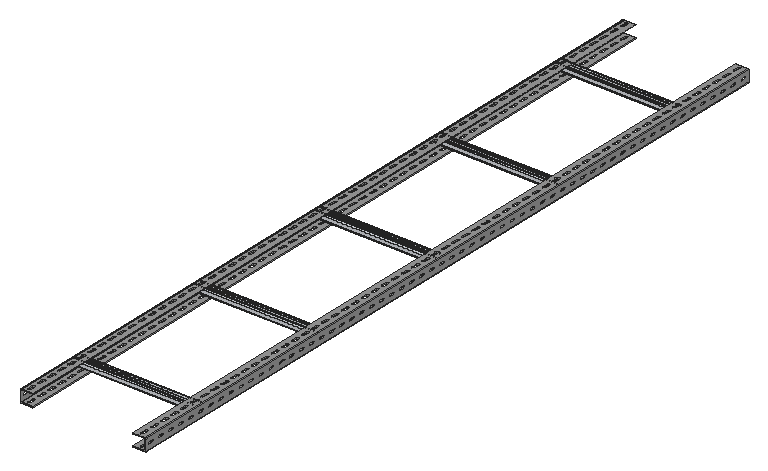
Revit family "steigeleiter__5_FT_FTSO_FTK_A2_A4.500rfa", category Generic Models, Revit 2017 (continued)
Forms (mm)
  Extrusion 306, void
    sketch origin (0, 200, 0) x (0, 1, 0) y (0, 0, 1)
      loop
        arc (15.5, 30.5) -> (10, 25) -> (15.5, 19.5) r 5.5
        line (15.5, 19.5) -> (34.5, 19.5)
        arc (34.5, 19.5) -> (40, 25) -> (34.5, 30.5) r 5.5
    from -250 to -247.5
  Extrusion 307, void
    sketch origin (0, 250, 0) x (0, 1, 0) y (0, 0, 1)
      loop
        line (34.5, 30.5) -> (15.5, 30.5)
        arc (15.5, 30.5) -> (10, 25) -> (15.5, 19.5) r 5.5
        line (15.5, 19.5) -> (34.5, 19.5)
        arc (34.5, 19.5) -> (40, 25) -> (34.5, 30.5) r 5.5
    from -250 to -247.5
  Extrusion 308, void
    sketch origin (0, 300, 0) x (0, 1, 0) y (0, 0, 1)
      loop
        line (34.5, 30.5) -> (15.5, 30.5)
        arc (15.5, 30.5) -> (10, 25) -> (15.5, 19.5) r 5.5
        line (15.5, 19.5) -> (34.5, 19.5)
        arc (34.5, 19.5) -> (40, 25) -> (34.5, 30.5) r 5.5
    from -250 to -247.5
  Extrusion 309, void
    sketch origin (0, 350, 0) x (0, 1, 0) y (0, 0, 1)
      loop
        line (34.5, 30.5) -> (15.5, 30.5)
        arc (15.5, 30.5) -> (10, 25) -> (15.5, 19.5) r 5.5
        line (15.5, 19.5) -> (34.5, 19.5)
        arc (34.5, 19.5) -> (40, 25) -> (34.5, 30.5) r 5.5
    from -250 to -247.5
  Extrusion 310, void
    sketch origin (0, 400, 0) x (0, 1, 0) y (0, 0, 1)
      loop
        line (34.5, 30.5) -> (15.5, 30.5)
        arc (15.5, 30.5) -> (10, 25) -> (15.5, 19.5) r 5.5
        line (15.5, 19.5) -> (34.5, 19.5)
        arc (34.5, 19.5) -> (40, 25) -> (34.5, 30.5) r 5.5
    from -250 to -247.5
  Extrusion 311, void
    sketch origin (0, 450, 0) x (0, 1, 0) y (0, 0, 1)
      loop
        line (34.5, 30.5) -> (15.5, 30.5)
        arc (15.5, 30.5) -> (10, 25) -> (15.5, 19.5) r 5.5
        line (15.5, 19.5) -> (34.5, 19.5)
        arc (34.5, 19.5) -> (40, 25) -> (34.5, 30.5) r 5.5
    from -250 to -247.5
  Extrusion 312, void
    sketch origin (0, 500, 0) x (0, 1, 0) y (0, 0, 1)
      loop
        line (34.5, 30.5) -> (15.5, 30.5)
        arc (15.5, 30.5) -> (10, 25) -> (15.5, 19.5) r 5.5
        line (15.5, 19.5) -> (34.5, 19.5)
        arc (34.5, 19.5) -> (40, 25) -> (34.5, 30.5) r 5.5
    from -250 to -247.5
  Extrusion 313, void
    sketch origin (0, 550, 0) x (0, 1, 0) y (0, 0, 1)
      loop
        line (34.5, 30.5) -> (15.5, 30.5)
        arc (15.5, 30.5) -> (10, 25) -> (15.5, 19.5) r 5.5
        line (15.5, 19.5) -> (34.5, 19.5)
        arc (34.5, 19.5) -> (40, 25) -> (34.5, 30.5) r 5.5
    from -250 to -247.5
  Extrusion 314, void
    sketch origin (0, 600, 0) x (0, 1, 0) y (0, 0, 1)
      loop
        line (34.5, 30.5) -> (15.5, 30.5)
        arc (15.5, 30.5) -> (10, 25) -> (15.5, 19.5) r 5.5
        line (15.5, 19.5) -> (34.5, 19.5)
        arc (34.5, 19.5) -> (40, 25) -> (34.5, 30.5) r 5.5
    from -250 to -247.5
  Extrusion 315, void
    sketch origin (0, 650, 0) x (0, 1, 0) y (0, 0, 1)
      loop
        line (34.5, 30.5) -> (15.5, 30.5)
        arc (15.5, 30.5) -> (10, 25) -> (15.5, 19.5) r 5.5
        line (15.5, 19.5) -> (34.5, 19.5)
        arc (34.5, 19.5) -> (40, 25) -> (34.5, 30.5) r 5.5
    from -250 to -247.5
  Extrusion 316, void
    sketch origin (0, 700, 0) x (0, 1, 0) y (0, 0, 1)
      loop
        line (34.5, 30.5) -> (15.5, 30.5)
        arc (15.5, 30.5) -> (10, 25) -> (15.5, 19.5) r 5.5
        line (15.5, 19.5) -> (34.5, 19.5)
        arc (34.5, 19.5) -> (40, 25) -> (34.5, 30.5) r 5.5
    from -250 to -247.5
  Extrusion 317, void
    sketch origin (0, 750, 0) x (0, 1, 0) y (0, 0, 1)
      loop
        line (34.5, 30.5) -> (15.5, 30.5)
        arc (15.5, 30.5) -> (10, 25) -> (15.5, 19.5) r 5.5
        line (15.5, 19.5) -> (34.5, 19.5)
        arc (34.5, 19.5) -> (40, 25) -> (34.5, 30.5) r 5.5
    from -250 to -247.5
  Extrusion 318, void
    sketch origin (0, 800, 0) x (0, 1, 0) y (0, 0, 1)
      loop
        line (34.5, 30.5) -> (15.5, 30.5)
        arc (15.5, 30.5) -> (10, 25) -> (15.5, 19.5) r 5.5
        line (15.5, 19.5) -> (34.5, 19.5)
        arc (34.5, 19.5) -> (40, 25) -> (34.5, 30.5) r 5.5
    from -250 to -247.5
  Extrusion 319, void
    sketch origin (0, 850, 0) x (0, 1, 0) y (0, 0, 1)
      loop
        line (34.5, 30.5) -> (15.5, 30.5)
        arc (15.5, 30.5) -> (10, 25) -> (15.5, 19.5) r 5.5
        line (15.5, 19.5) -> (34.5, 19.5)
        arc (34.5, 19.5) -> (40, 25) -> (34.5, 30.5) r 5.5
    from -250 to -247.5
  Extrusion 320, void
    sketch origin (0, 900, 0) x (0, 1, 0) y (0, 0, 1)
      loop
        line (34.5, 30.5) -> (15.5, 30.5)
        arc (15.5, 30.5) -> (10, 25) -> (15.5, 19.5) r 5.5
        line (15.5, 19.5) -> (34.5, 19.5)
        arc (34.5, 19.5) -> (40, 25) -> (34.5, 30.5) r 5.5
    from -250 to -247.5
  Extrusion 321, void
    sketch origin (0, 950, 0) x (0, 1, 0) y (0, 0, 1)
      loop
        line (34.5, 30.5) -> (15.5, 30.5)
        arc (15.5, 30.5) -> (10, 25) -> (15.5, 19.5) r 5.5
        line (15.5, 19.5) -> (34.5, 19.5)
        arc (34.5, 19.5) -> (40, 25) -> (34.5, 30.5) r 5.5
    from -250 to -247.5
  Extrusion 322, void
    sketch origin (0, 1000, 0) x (0, 1, 0) y (0, 0, 1)
      loop
        line (34.5, 30.5) -> (15.5, 30.5)
        arc (15.5, 30.5) -> (10, 25) -> (15.5, 19.5) r 5.5
        line (15.5, 19.5) -> (34.5, 19.5)
        arc (34.5, 19.5) -> (40, 25) -> (34.5, 30.5) r 5.5
    from -250 to -247.5
  Extrusion 323, void
    sketch origin (0, 1050, 0) x (0, 1, 0) y (0, 0, 1)
      loop
        line (34.5, 30.5) -> (15.5, 30.5)
        arc (15.5, 30.5) -> (10, 25) -> (15.5, 19.5) r 5.5
        line (15.5, 19.5) -> (34.5, 19.5)
        arc (34.5, 19.5) -> (40, 25) -> (34.5, 30.5) r 5.5
    from -250 to -247.5
  Extrusion 324, void
    sketch origin (0, 1100, 0) x (0, 1, 0) y (0, 0, 1)
      loop
        line (34.5, 30.5) -> (15.5, 30.5)
        arc (15.5, 30.5) -> (10, 25) -> (15.5, 19.5) r 5.5
        line (15.5, 19.5) -> (34.5, 19.5)
        arc (34.5, 19.5) -> (40, 25) -> (34.5, 30.5) r 5.5
    from -250 to -247.5
  Extrusion 325, void
    sketch origin (0, 1150, 0) x (0, 1, 0) y (0, 0, 1)
      loop
        line (34.5, 30.5) -> (15.5, 30.5)
        arc (15.5, 30.5) -> (10, 25) -> (15.5, 19.5) r 5.5
        line (15.5, 19.5) -> (34.5, 19.5)
        arc (34.5, 19.5) -> (40, 25) -> (34.5, 30.5) r 5.5
    from -250 to -247.5
  Extrusion 326, void
    sketch origin (0, 1200, 0) x (0, 1, 0) y (0, 0, 1)
      loop
        line (34.5, 30.5) -> (15.5, 30.5)
        arc (15.5, 30.5) -> (10, 25) -> (15.5, 19.5) r 5.5
        line (15.5, 19.5) -> (34.5, 19.5)
        arc (34.5, 19.5) -> (40, 25) -> (34.5, 30.5) r 5.5
    from -250 to -247.5
  Extrusion 327, void
    sketch origin (0, 1250, 0) x (0, 1, 0) y (0, 0, 1)
      loop
        line (34.5, 30.5) -> (15.5, 30.5)
        arc (15.5, 30.5) -> (10, 25) -> (15.5, 19.5) r 5.5
        line (15.5, 19.5) -> (34.5, 19.5)
        arc (34.5, 19.5) -> (40, 25) -> (34.5, 30.5) r 5.5
    from -250 to -247.5
  Extrusion 328, void
    sketch origin (0, 1300, 0) x (0, 1, 0) y (0, 0, 1)
      loop
        line (34.5, 30.5) -> (15.5, 30.5)
        arc (15.5, 30.5) -> (10, 25) -> (15.5, 19.5) r 5.5
        line (15.5, 19.5) -> (34.5, 19.5)
        arc (34.5, 19.5) -> (40, 25) -> (34.5, 30.5) r 5.5
    from -250 to -247.5
  Extrusion 329, void
    sketch origin (0, 1350, 0) x (0, 1, 0) y (0, 0, 1)
      loop
        line (34.5, 30.5) -> (15.5, 30.5)
        arc (15.5, 30.5) -> (10, 25) -> (15.5, 19.5) r 5.5
        line (15.5, 19.5) -> (34.5, 19.5)
        arc (34.5, 19.5) -> (40, 25) -> (34.5, 30.5) r 5.5
    from -250 to -247.5
  Extrusion 330, void
    sketch origin (0, 1400, 0) x (0, 1, 0) y (0, 0, 1)
      loop
        line (34.5, 30.5) -> (15.5, 30.5)
        arc (15.5, 30.5) -> (10, 25) -> (15.5, 19.5) r 5.5
        line (15.5, 19.5) -> (34.5, 19.5)
        arc (34.5, 19.5) -> (40, 25) -> (34.5, 30.5) r 5.5
    from -250 to -247.5
  Extrusion 331, void
    sketch origin (0, 1450, 0) x (0, 1, 0) y (0, 0, 1)
      loop
        line (34.5, 30.5) -> (15.5, 30.5)
        arc (15.5, 30.5) -> (10, 25) -> (15.5, 19.5) r 5.5
        line (15.5, 19.5) -> (34.5, 19.5)
        arc (34.5, 19.5) -> (40, 25) -> (34.5, 30.5) r 5.5
    from -250 to -247.5
  Extrusion 332, void
    sketch origin (0, 1500, 0) x (0, 1, 0) y (0, 0, 1)
      loop
        line (34.5, 30.5) -> (15.5, 30.5)
        arc (15.5, 30.5) -> (10, 25) -> (15.5, 19.5) r 5.5
        line (15.5, 19.5) -> (34.5, 19.5)
        arc (34.5, 19.5) -> (40, 25) -> (34.5, 30.5) r 5.5
    from -250 to -247.5
  Extrusion 333, void
    sketch origin (0, 1550, 0) x (0, 1, 0) y (0, 0, 1)
      loop
        line (34.5, 30.5) -> (15.5, 30.5)
        arc (15.5, 30.5) -> (10, 25) -> (15.5, 19.5) r 5.5
        line (15.5, 19.5) -> (34.5, 19.5)
        arc (34.5, 19.5) -> (40, 25) -> (34.5, 30.5) r 5.5
    from -250 to -247.5
  Extrusion 334, void
    sketch origin (0, 1600, 0) x (0, 1, 0) y (0, 0, 1)
      loop
        line (34.5, 30.5) -> (15.5, 30.5)
        arc (15.5, 30.5) -> (10, 25) -> (15.5, 19.5) r 5.5
        line (15.5, 19.5) -> (34.5, 19.5)
        arc (34.5, 19.5) -> (40, 25) -> (34.5, 30.5) r 5.5
    from -250 to -247.5
  Extrusion 335, void
    sketch origin (0, 1650, 0) x (0, 1, 0) y (0, 0, 1)
      loop
        line (34.5, 30.5) -> (15.5, 30.5)
        arc (15.5, 30.5) -> (10, 25) -> (15.5, 19.5) r 5.5
        line (15.5, 19.5) -> (34.5, 19.5)
        arc (34.5, 19.5) -> (40, 25) -> (34.5, 30.5) r 5.5
    from -250 to -247.5
  Extrusion 336, void
    sketch origin (0, 1700, 0) x (0, 1, 0) y (0, 0, 1)
      loop
        line (34.5, 30.5) -> (15.5, 30.5)
        arc (15.5, 30.5) -> (10, 25) -> (15.5, 19.5) r 5.5
        line (15.5, 19.5) -> (34.5, 19.5)
        arc (34.5, 19.5) -> (40, 25) -> (34.5, 30.5) r 5.5
    from -250 to -247.5
  Extrusion 337, void
    sketch origin (0, 1750, 0) x (0, 1, 0) y (0, 0, 1)
      loop
        line (34.5, 30.5) -> (15.5, 30.5)
        arc (15.5, 30.5) -> (10, 25) -> (15.5, 19.5) r 5.5
        line (15.5, 19.5) -> (34.5, 19.5)
        arc (34.5, 19.5) -> (40, 25) -> (34.5, 30.5) r 5.5
    from -250 to -247.5
  Extrusion 338, void
    sketch origin (0, 1800, 0) x (0, 1, 0) y (0, 0, 1)
      loop
        line (34.5, 30.5) -> (15.5, 30.5)
        arc (15.5, 30.5) -> (10, 25) -> (15.5, 19.5) r 5.5
        line (15.5, 19.5) -> (34.5, 19.5)
        arc (34.5, 19.5) -> (40, 25) -> (34.5, 30.5) r 5.5
    from -250 to -247.5
  Extrusion 339, void
    sketch origin (0, 1850, 0) x (0, 1, 0) y (0, 0, 1)
      loop
        line (34.5, 30.5) -> (15.5, 30.5)
        arc (15.5, 30.5) -> (10, 25) -> (15.5, 19.5) r 5.5
        line (15.5, 19.5) -> (34.5, 19.5)
        arc (34.5, 19.5) -> (40, 25) -> (34.5, 30.5) r 5.5
    from -250 to -247.5
  Extrusion 340, void
    sketch origin (0, 1900, 0) x (0, 1, 0) y (0, 0, 1)
      loop
        line (34.5, 30.5) -> (15.5, 30.5)
        arc (15.5, 30.5) -> (10, 25) -> (15.5, 19.5) r 5.5
        line (15.5, 19.5) -> (34.5, 19.5)
        arc (34.5, 19.5) -> (40, 25) -> (34.5, 30.5) r 5.5
    from -250 to -247.5
  Extrusion 341, void
    sketch origin (0, 1950, 0) x (0, 1, 0) y (0, 0, 1)
      loop
        line (34.5, 30.5) -> (15.5, 30.5)
        arc (15.5, 30.5) -> (10, 25) -> (15.5, 19.5) r 5.5
        line (15.5, 19.5) -> (34.5, 19.5)
        arc (34.5, 19.5) -> (40, 25) -> (34.5, 30.5) r 5.5
    from -250 to -247.5
  Extrusion 342, void
    sketch origin (0, 2000, 0) x (0, 1, 0) y (0, 0, 1)
      loop
        line (34.5, 30.5) -> (15.5, 30.5)
        arc (15.5, 30.5) -> (10, 25) -> (15.5, 19.5) r 5.5
        line (15.5, 19.5) -> (34.5, 19.5)
        arc (34.5, 19.5) -> (40, 25) -> (34.5, 30.5) r 5.5
    from -250 to -247.5
  Extrusion 343, void
    sketch origin (0, 2050, 0) x (0, 1, 0) y (0, 0, 1)
      loop
        line (34.5, 30.5) -> (15.5, 30.5)
        arc (15.5, 30.5) -> (10, 25) -> (15.5, 19.5) r 5.5
        line (15.5, 19.5) -> (34.5, 19.5)
        arc (34.5, 19.5) -> (40, 25) -> (34.5, 30.5) r 5.5
    from -250 to -247.5
  Extrusion 344, void
    sketch origin (0, 2100, 0) x (0, 1, 0) y (0, 0, 1)
      loop
        line (34.5, 30.5) -> (15.5, 30.5)
        arc (15.5, 30.5) -> (10, 25) -> (15.5, 19.5) r 5.5
        line (15.5, 19.5) -> (34.5, 19.5)
        arc (34.5, 19.5) -> (40, 25) -> (34.5, 30.5) r 5.5
    from -250 to -247.5
  Extrusion 345, void
    sketch origin (0, 2150, 0) x (0, 1, 0) y (0, 0, 1)
      loop
        line (34.5, 30.5) -> (15.5, 30.5)
        arc (15.5, 30.5) -> (10, 25) -> (15.5, 19.5) r 5.5
        line (15.5, 19.5) -> (34.5, 19.5)
        arc (34.5, 19.5) -> (40, 25) -> (34.5, 30.5) r 5.5
    from -250 to -247.5
  Extrusion 346, void
    sketch origin (0, 2200, 0) x (0, 1, 0) y (0, 0, 1)
      loop
        line (34.5, 30.5) -> (15.5, 30.5)
        arc (15.5, 30.5) -> (10, 25) -> (15.5, 19.5) r 5.5
        line (15.5, 19.5) -> (34.5, 19.5)
        arc (34.5, 19.5) -> (40, 25) -> (34.5, 30.5) r 5.5
    from -250 to -247.5
  Extrusion 347, void
    sketch origin (0, 2250, 0) x (0, 1, 0) y (0, 0, 1)
      loop
        line (34.5, 30.5) -> (15.5, 30.5)
        arc (15.5, 30.5) -> (10, 25) -> (15.5, 19.5) r 5.5
        line (15.5, 19.5) -> (34.5, 19.5)
        arc (34.5, 19.5) -> (40, 25) -> (34.5, 30.5) r 5.5
    from -250 to -247.5
  Extrusion 348, void
    sketch origin (0, 2300, 0) x (0, 1, 0) y (0, 0, 1)
      loop
        line (34.5, 30.5) -> (15.5, 30.5)
        arc (15.5, 30.5) -> (10, 25) -> (15.5, 19.5) r 5.5
        line (15.5, 19.5) -> (34.5, 19.5)
        arc (34.5, 19.5) -> (40, 25) -> (34.5, 30.5) r 5.5
    from -250 to -247.5
  Extrusion 349, void
    sketch origin (0, 2350, 0) x (0, 1, 0) y (0, 0, 1)
      loop
        line (34.5, 30.5) -> (15.5, 30.5)
        arc (15.5, 30.5) -> (10, 25) -> (15.5, 19.5) r 5.5
        line (15.5, 19.5) -> (34.5, 19.5)
        arc (34.5, 19.5) -> (40, 25) -> (34.5, 30.5) r 5.5
    from -250 to -247.5
  Extrusion 350, void
    sketch origin (0, 2400, 0) x (0, 1, 0) y (0, 0, 1)
      loop
        line (34.5, 30.5) -> (15.5, 30.5)
        arc (15.5, 30.5) -> (10, 25) -> (15.5, 19.5) r 5.5
        line (15.5, 19.5) -> (34.5, 19.5)
        arc (34.5, 19.5) -> (40, 25) -> (34.5, 30.5) r 5.5
    from -250 to -247.5
  Extrusion 351, void
    sketch origin (0, 2450, 0) x (0, 1, 0) y (0, 0, 1)
      loop
        line (34.5, 30.5) -> (15.5, 30.5)
        arc (15.5, 30.5) -> (10, 25) -> (15.5, 19.5) r 5.5
        line (15.5, 19.5) -> (34.5, 19.5)
        arc (34.5, 19.5) -> (40, 25) -> (34.5, 30.5) r 5.5
    from -250 to -247.5
  Extrusion 352, void
    sketch origin (0, 2500, 0) x (0, 1, 0) y (0, 0, 1)
      loop
        line (34.5, 30.5) -> (15.5, 30.5)
        arc (15.5, 30.5) -> (10, 25) -> (15.5, 19.5) r 5.5
        line (15.5, 19.5) -> (34.5, 19.5)
        arc (34.5, 19.5) -> (40, 25) -> (34.5, 30.5) r 5.5
    from -250 to -247.5
  Extrusion 353, void
    sketch origin (0, 2550, 0) x (0, 1, 0) y (0, 0, 1)
      loop
        line (34.5, 30.5) -> (15.5, 30.5)
        arc (15.5, 30.5) -> (10, 25) -> (15.5, 19.5) r 5.5
        line (15.5, 19.5) -> (34.5, 19.5)
        arc (34.5, 19.5) -> (40, 25) -> (34.5, 30.5) r 5.5
    from -250 to -247.5
  Extrusion 354, void
    sketch origin (0, 2600, 0) x (0, 1, 0) y (0, 0, 1)
      loop
        line (34.5, 30.5) -> (15.5, 30.5)
        arc (15.5, 30.5) -> (10, 25) -> (15.5, 19.5) r 5.5
        line (15.5, 19.5) -> (34.5, 19.5)
        arc (34.5, 19.5) -> (40, 25) -> (34.5, 30.5) r 5.5
    from -250 to -247.5
  Extrusion 355, void
    sketch origin (0, 2650, 0) x (0, 1, 0) y (0, 0, 1)
      loop
        line (34.5, 30.5) -> (15.5, 30.5)
        arc (15.5, 30.5) -> (10, 25) -> (15.5, 19.5) r 5.5
        line (15.5, 19.5) -> (34.5, 19.5)
        arc (34.5, 19.5) -> (40, 25) -> (34.5, 30.5) r 5.5
    from -250 to -247.5
  Extrusion 356, void
    sketch origin (0, 2700, 0) x (0, 1, 0) y (0, 0, 1)
      loop
        line (34.5, 30.5) -> (15.5, 30.5)
        arc (15.5, 30.5) -> (10, 25) -> (15.5, 19.5) r 5.5
        line (15.5, 19.5) -> (34.5, 19.5)
        arc (34.5, 19.5) -> (40, 25) -> (34.5, 30.5) r 5.5
    from -250 to -247.5
  Extrusion 357, void
    sketch origin (0, 2750, 0) x (0, 1, 0) y (0, 0, 1)
      loop
        line (34.5, 30.5) -> (15.5, 30.5)
        arc (15.5, 30.5) -> (10, 25) -> (15.5, 19.5) r 5.5
        line (15.5, 19.5) -> (34.5, 19.5)
        arc (34.5, 19.5) -> (40, 25) -> (34.5, 30.5) r 5.5
    from -250 to -247.5
  Extrusion 358, void
    sketch origin (0, 2800, 0) x (0, 1, 0) y (0, 0, 1)
      loop
        line (34.5, 30.5) -> (15.5, 30.5)
        arc (15.5, 30.5) -> (10, 25) -> (15.5, 19.5) r 5.5
        line (15.5, 19.5) -> (34.5, 19.5)
        arc (34.5, 19.5) -> (40, 25) -> (34.5, 30.5) r 5.5
    from -250 to -247.5
  Extrusion 359, void
    sketch origin (0, 2850, 0) x (0, 1, 0) y (0, 0, 1)
      loop
        line (34.5, 30.5) -> (15.5, 30.5)
        arc (15.5, 30.5) -> (10, 25) -> (15.5, 19.5) r 5.5
        line (15.5, 19.5) -> (34.5, 19.5)
        arc (34.5, 19.5) -> (40, 25) -> (34.5, 30.5) r 5.5
    from -250 to -247.5
  Extrusion 360, void
    sketch origin (0, 2900, 0) x (0, 1, 0) y (0, 0, 1)
      loop
        line (34.5, 30.5) -> (15.5, 30.5)
        arc (15.5, 30.5) -> (10, 25) -> (15.5, 19.5) r 5.5
        line (15.5, 19.5) -> (34.5, 19.5)
        arc (34.5, 19.5) -> (40, 25) -> (34.5, 30.5) r 5.5
    from -250 to -247.5
  Extrusion 361, void
    sketch origin (0, 2950, 0) x (0, 1, 0) y (0, 0, 1)
      loop
        line (34.5, 30.5) -> (15.5, 30.5)
        arc (15.5, 30.5) -> (10, 25) -> (15.5, 19.5) r 5.5
        line (15.5, 19.5) -> (34.5, 19.5)
        arc (34.5, 19.5) -> (40, 25) -> (34.5, 30.5) r 5.5
    from -250 to -247.5
  Extrusion 362, solid
    sketch origin (0, 0, 0) x (0, 1, 0) y (0, 0, 1)
      loop
        arc (257.5, 27) -> (256.086, 27.586) -> (255.5, 29) r 2
        line (255.5, 29) -> (255.5, 43.5)
        arc (255.5, 43.5) -> (256.086, 44.914) -> (257.5, 45.5) r 2
        line (257.5, 45.5) -> (261.5, 45.5)
        arc (261.5, 45.5) -> (262.207, 45.207) -> (262.5, 44.5) r 1
        line (262.5, 44.5) -> (262.5, 42) -> (264.5, 42) -> (264.5, 44.5)
        arc (264.5, 44.5) -> (263.621, 46.621) -> (261.5, 47.5) r 3
        line (261.5, 47.5) -> (257.5, 47.5)
        arc (257.5, 47.5) -> (254.672, 46.328) -> (253.5, 43.5) r 4
        line (253.5, 43.5) -> (253.5, 29)
        arc (253.5, 29) -> (254.672, 26.172) -> (257.5, 25) r 4
        line (257.5, 25) -> (289.5, 25)
        arc (289.5, 25) -> (292.328, 26.172) -> (293.5, 29) r 4
        line (293.5, 29) -> (293.5, 43.5)
        arc (293.5, 43.5) -> (292.328, 46.328) -> (289.5, 47.5) r 4
        line (289.5, 47.5) -> (285.5, 47.5)
        arc (285.5, 47.5) -> (283.379, 46.621) -> (282.5, 44.5) r 3
        line (282.5, 44.5) -> (282.5, 42) -> (284.5, 42) -> (284.5, 44.5)
        arc (284.5, 44.5) -> (284.793, 45.207) -> (285.5, 45.5) r 1
        line (285.5, 45.5) -> (289.5, 45.5)
        arc (289.5, 45.5) -> (290.914, 44.914) -> (291.5, 43.5) r 2
        line (291.5, 43.5) -> (291.5, 29)
        arc (291.5, 29) -> (290.914, 27.586) -> (289.5, 27) r 2
        line (289.5, 27) -> (257.5, 27)
    from -247.5 to 247.5
  Extrusion 363, solid
    sketch origin (0, 600, 0) x (0, 1, 0) y (0, 0, 1)
      loop
        arc (257.5, 27) -> (256.086, 27.586) -> (255.5, 29) r 2
        line (255.5, 29) -> (255.5, 43.5)
        arc (255.5, 43.5) -> (256.086, 44.914) -> (257.5, 45.5) r 2
        line (257.5, 45.5) -> (261.5, 45.5)
        arc (261.5, 45.5) -> (262.207, 45.207) -> (262.5, 44.5) r 1
        line (262.5, 44.5) -> (262.5, 42) -> (264.5, 42) -> (264.5, 44.5)
        arc (264.5, 44.5) -> (263.621, 46.621) -> (261.5, 47.5) r 3
        line (261.5, 47.5) -> (257.5, 47.5)
        arc (257.5, 47.5) -> (254.672, 46.328) -> (253.5, 43.5) r 4
        line (253.5, 43.5) -> (253.5, 29)
        arc (253.5, 29) -> (254.672, 26.172) -> (257.5, 25) r 4
        line (257.5, 25) -> (289.5, 25)
        arc (289.5, 25) -> (292.328, 26.172) -> (293.5, 29) r 4
        line (293.5, 29) -> (293.5, 43.5)
        arc (293.5, 43.5) -> (292.328, 46.328) -> (289.5, 47.5) r 4
        line (289.5, 47.5) -> (285.5, 47.5)
        arc (285.5, 47.5) -> (283.379, 46.621) -> (282.5, 44.5) r 3
        line (282.5, 44.5) -> (282.5, 42) -> (284.5, 42) -> (284.5, 44.5)
        arc (284.5, 44.5) -> (284.793, 45.207) -> (285.5, 45.5) r 1
        line (285.5, 45.5) -> (289.5, 45.5)
        arc (289.5, 45.5) -> (290.914, 44.914) -> (291.5, 43.5) r 2
        line (291.5, 43.5) -> (291.5, 29)
        arc (291.5, 29) -> (290.914, 27.586) -> (289.5, 27) r 2
        line (289.5, 27) -> (257.5, 27)
    from -247.5 to 247.5
  Extrusion 364, solid
    sketch origin (0, 1200, 0) x (0, 1, 0) y (0, 0, 1)
      loop
        arc (257.5, 27) -> (256.086, 27.586) -> (255.5, 29) r 2
        line (255.5, 29) -> (255.5, 43.5)
        arc (255.5, 43.5) -> (256.086, 44.914) -> (257.5, 45.5) r 2
        line (257.5, 45.5) -> (261.5, 45.5)
        arc (261.5, 45.5) -> (262.207, 45.207) -> (262.5, 44.5) r 1
        line (262.5, 44.5) -> (262.5, 42) -> (264.5, 42) -> (264.5, 44.5)
        arc (264.5, 44.5) -> (263.621, 46.621) -> (261.5, 47.5) r 3
        line (261.5, 47.5) -> (257.5, 47.5)
        arc (257.5, 47.5) -> (254.672, 46.328) -> (253.5, 43.5) r 4
        line (253.5, 43.5) -> (253.5, 29)
        arc (253.5, 29) -> (254.672, 26.172) -> (257.5, 25) r 4
        line (257.5, 25) -> (289.5, 25)
        arc (289.5, 25) -> (292.328, 26.172) -> (293.5, 29) r 4
        line (293.5, 29) -> (293.5, 43.5)
        arc (293.5, 43.5) -> (292.328, 46.328) -> (289.5, 47.5) r 4
        line (289.5, 47.5) -> (285.5, 47.5)
        arc (285.5, 47.5) -> (283.379, 46.621) -> (282.5, 44.5) r 3
        line (282.5, 44.5) -> (282.5, 42) -> (284.5, 42) -> (284.5, 44.5)
        arc (284.5, 44.5) -> (284.793, 45.207) -> (285.5, 45.5) r 1
        line (285.5, 45.5) -> (289.5, 45.5)
        arc (289.5, 45.5) -> (290.914, 44.914) -> (291.5, 43.5) r 2
        line (291.5, 43.5) -> (291.5, 29)
        arc (291.5, 29) -> (290.914, 27.586) -> (289.5, 27) r 2
        line (289.5, 27) -> (257.5, 27)
    from -247.5 to 247.5
  Extrusion 365, solid
    sketch origin (0, 1800, 0) x (0, 1, 0) y (0, 0, 1)
      loop
        arc (257.5, 27) -> (256.086, 27.586) -> (255.5, 29) r 2
        line (255.5, 29) -> (255.5, 43.5)
        arc (255.5, 43.5) -> (256.086, 44.914) -> (257.5, 45.5) r 2
        line (257.5, 45.5) -> (261.5, 45.5)
        arc (261.5, 45.5) -> (262.207, 45.207) -> (262.5, 44.5) r 1
        line (262.5, 44.5) -> (262.5, 42) -> (264.5, 42) -> (264.5, 44.5)
        arc (264.5, 44.5) -> (263.621, 46.621) -> (261.5, 47.5) r 3
        line (261.5, 47.5) -> (257.5, 47.5)
        arc (257.5, 47.5) -> (254.672, 46.328) -> (253.5, 43.5) r 4
        line (253.5, 43.5) -> (253.5, 29)
        arc (253.5, 29) -> (254.672, 26.172) -> (257.5, 25) r 4
        line (257.5, 25) -> (289.5, 25)
        arc (289.5, 25) -> (292.328, 26.172) -> (293.5, 29) r 4
        line (293.5, 29) -> (293.5, 43.5)
        arc (293.5, 43.5) -> (292.328, 46.328) -> (289.5, 47.5) r 4
        line (289.5, 47.5) -> (285.5, 47.5)
        arc (285.5, 47.5) -> (283.379, 46.621) -> (282.5, 44.5) r 3
        line (282.5, 44.5) -> (282.5, 42) -> (284.5, 42) -> (284.5, 44.5)
        arc (284.5, 44.5) -> (284.793, 45.207) -> (285.5, 45.5) r 1
        line (285.5, 45.5) -> (289.5, 45.5)
        arc (289.5, 45.5) -> (290.914, 44.914) -> (291.5, 43.5) r 2
        line (291.5, 43.5) -> (291.5, 29)
        arc (291.5, 29) -> (290.914, 27.586) -> (289.5, 27) r 2
        line (289.5, 27) -> (257.5, 27)
    from -247.5 to 247.5
  Extrusion 366, solid
    sketch origin (0, 2400, 0) x (0, 1, 0) y (0, 0, 1)
      loop
        arc (257.5, 27) -> (256.086, 27.586) -> (255.5, 29) r 2
        line (255.5, 29) -> (255.5, 43.5)
        arc (255.5, 43.5) -> (256.086, 44.914) -> (257.5, 45.5) r 2
        line (257.5, 45.5) -> (261.5, 45.5)
        arc (261.5, 45.5) -> (262.207, 45.207) -> (262.5, 44.5) r 1
        line (262.5, 44.5) -> (262.5, 42) -> (264.5, 42) -> (264.5, 44.5)
        arc (264.5, 44.5) -> (263.621, 46.621) -> (261.5, 47.5) r 3
        line (261.5, 47.5) -> (257.5, 47.5)
        arc (257.5, 47.5) -> (254.672, 46.328) -> (253.5, 43.5) r 4
        line (253.5, 43.5) -> (253.5, 29)
        arc (253.5, 29) -> (254.672, 26.172) -> (257.5, 25) r 4
        line (257.5, 25) -> (289.5, 25)
        arc (289.5, 25) -> (292.328, 26.172) -> (293.5, 29) r 4
        line (293.5, 29) -> (293.5, 43.5)
        arc (293.5, 43.5) -> (292.328, 46.328) -> (289.5, 47.5) r 4
        line (289.5, 47.5) -> (285.5, 47.5)
        arc (285.5, 47.5) -> (283.379, 46.621) -> (282.5, 44.5) r 3
        line (282.5, 44.5) -> (282.5, 42) -> (284.5, 42) -> (284.5, 44.5)
        arc (284.5, 44.5) -> (284.793, 45.207) -> (285.5, 45.5) r 1
        line (285.5, 45.5) -> (289.5, 45.5)
        arc (289.5, 45.5) -> (290.914, 44.914) -> (291.5, 43.5) r 2
        line (291.5, 43.5) -> (291.5, 29)
        arc (291.5, 29) -> (290.914, 27.586) -> (289.5, 27) r 2
        line (289.5, 27) -> (257.5, 27)
    from -247.5 to 247.5
Cuts and joins
  Extrusion 2, Extrusion 3, Extrusion 4, Extrusion 5, Extrusion 6, Extrusion 7, Extrusion 8, Extrusion 9, Extrusion 10, Extrusion 11, Extrusion 12, Extrusion 13, Extrusion 14, Extrusion 15, Extrusion 16, Extrusion 17, Extrusion 18, Extrusion 19, Extrusion 20, Extrusion 21, Extrusion 22, Extrusion 23, Extrusion 24, Extrusion 25, Extrusion 26, Extrusion 27, Extrusion 28, Extrusion 29, Extrusion 30, Extrusion 31, Extrusion 32, Extrusion 33, Extrusion 34, Extrusion 35, Extrusion 36, Extrusion 37, Extrusion 38, Extrusion 39, Extrusion 40, Extrusion 41, Extrusion 42, Extrusion 43, Extrusion 44, Extrusion 45, Extrusion 46, Extrusion 47, Extrusion 48, Extrusion 49, Extrusion 50, Extrusion 51, Extrusion 52, Extrusion 53, Extrusion 54, Extrusion 55, Extrusion 56, Extrusion 57, Extrusion 58, Extrusion 59, Extrusion 60, Extrusion 61, Extrusion 62, Extrusion 63, Extrusion 64, Extrusion 65, Extrusion 66, Extrusion 67, Extrusion 68, Extrusion 69, Extrusion 70, Extrusion 71, Extrusion 72, Extrusion 73, Extrusion 74, Extrusion 75, Extrusion 76, Extrusion 77, Extrusion 78, Extrusion 79, Extrusion 80, Extrusion 81, Extrusion 82, Extrusion 83, Extrusion 84, Extrusion 85, Extrusion 86, Extrusion 87, Extrusion 88, Extrusion 89, Extrusion 90, Extrusion 91, Extrusion 92, Extrusion 93, Extrusion 94, Extrusion 95, Extrusion 96, Extrusion 97, Extrusion 98, Extrusion 99, Extrusion 100, Extrusion 101, Extrusion 102, Extrusion 103, Extrusion 104, Extrusion 105, Extrusion 106, Extrusion 107, Extrusion 108, Extrusion 109, Extrusion 110, Extrusion 111, Extrusion 112, Extrusion 113, Extrusion 114, Extrusion 115, Extrusion 116, Extrusion 117, Extrusion 118, Extrusion 119, Extrusion 120, Extrusion 121, Extrusion 122, Extrusion 123, Extrusion 124, Extrusion 125, Extrusion 126, Extrusion 127, Extrusion 128, Extrusion 129, Extrusion 130, Extrusion 131, Extrusion 132, Extrusion 133, Extrusion 134, Extrusion 135, Extrusion 136, Extrusion 137, Extrusion 138, Extrusion 139, Extrusion 140, Extrusion 141, Extrusion 142, Extrusion 143, Extrusion 144, Extrusion 145, Extrusion 146, Extrusion 147, Extrusion 148, Extrusion 149, Extrusion 150, Extrusion 151, Extrusion 152, Extrusion 153, Extrusion 154, Extrusion 155, Extrusion 156, Extrusion 157, Extrusion 158, Extrusion 159, Extrusion 160, Extrusion 161, Extrusion 162, Extrusion 163, Extrusion 164, Extrusion 165, Extrusion 166, Extrusion 167, Extrusion 168, Extrusion 169, Extrusion 170, Extrusion 171, Extrusion 172, Extrusion 173, Extrusion 174, Extrusion 175, Extrusion 176, Extrusion 177, Extrusion 178, Extrusion 179, Extrusion 180, Extrusion 181, Extrusion 182, Extrusion 183, Extrusion 184, Extrusion 185, Extrusion 186, Extrusion 187, Extrusion 188, Extrusion 189, Extrusion 190, Extrusion 191, Extrusion 192, Extrusion 193, Extrusion 194, Extrusion 195, Extrusion 196, Extrusion 197, Extrusion 198, Extrusion 199, Extrusion 200, Extrusion 201, Extrusion 202, Extrusion 203, Extrusion 204, Extrusion 205, Extrusion 206, Extrusion 207, Extrusion 208, Extrusion 209, Extrusion 210, Extrusion 211, Extrusion 212, Extrusion 213, Extrusion 214, Extrusion 215, Extrusion 216, Extrusion 217, Extrusion 218, Extrusion 219, Extrusion 220, Extrusion 221, Extrusion 222, Extrusion 223, Extrusion 224, Extrusion 225, Extrusion 226, Extrusion 227, Extrusion 228, Extrusion 229, Extrusion 230, Extrusion 231, Extrusion 232, Extrusion 233, Extrusion 234, Extrusion 235, Extrusion 236, Extrusion 237, Extrusion 238, Extrusion 239, Extrusion 240, Extrusion 241, Extrusion 242, Extrusion 243, Extrusion 244, Extrusion 245, Extrusion 246, Extrusion 247, Extrusion 248, Extrusion 249, Extrusion 250, Extrusion 251, Extrusion 252, Extrusion 253, Extrusion 254, Extrusion 255, Extrusion 256, Extrusion 257, Extrusion 258, Extrusion 259, Extrusion 260, Extrusion 261, Extrusion 262, Extrusion 263, Extrusion 264, Extrusion 265, Extrusion 266, Extrusion 267, Extrusion 268, Extrusion 269, Extrusion 270, Extrusion 271, Extrusion 272, Extrusion 273, Extrusion 274, Extrusion 275, Extrusion 276, Extrusion 277, Extrusion 278, Extrusion 279, Extrusion 280, Extrusion 281, Extrusion 282, Extrusion 283, Extrusion 284, Extrusion 285, Extrusion 286, Extrusion 287, Extrusion 288, Extrusion 289, Extrusion 290, Extrusion 291, Extrusion 292, Extrusion 293, Extrusion 294, Extrusion 295, Extrusion 296, Extrusion 297, Extrusion 298, Extrusion 299, Extrusion 300, Extrusion 301, Extrusion 302, Extrusion 303, Extrusion 304, Extrusion 305, Extrusion 306, Extrusion 307, Extrusion 308, Extrusion 309, Extrusion 310, Extrusion 311, Extrusion 312, Extrusion 313, Extrusion 314, Extrusion 315, Extrusion 316, Extrusion 317, Extrusion 318, Extrusion 319, Extrusion 320, Extrusion 321, Extrusion 322, Extrusion 323, Extrusion 324, Extrusion 325, Extrusion 326, Extrusion 327, Extrusion 328, Extrusion 329, Extrusion 330, Extrusion 331, Extrusion 332, Extrusion 333, Extrusion 334, Extrusion 335, Extrusion 336, Extrusion 337, Extrusion 338, Extrusion 339, Extrusion 340, Extrusion 341, Extrusion 342, Extrusion 343, Extrusion 344, Extrusion 345, Extrusion 346, Extrusion 347, Extrusion 348, Extrusion 349, Extrusion 350, Extrusion 351, Extrusion 352, Extrusion 353, Extrusion 354, Extrusion 355, Extrusion 356, Extrusion 357, Extrusion 358, Extrusion 359, Extrusion 360, Extrusion 361 cuts Extrusion 1
Dimensions and locks
  locked: Extrusion 1 sketch curve to Extrusion 1 sketch curve at 2.5  (x6)
  Extrusion 1 sketch curve to Extrusion 1 sketch curve = 2.5 mm  (x3)
  locked: level to Extrusion 1 at 2.5
  "Length": plane 5 to plane 1 "Center (Front/Back)"
  locked: Extrusion 1 sketch curve to Extrusion 1 sketch curve at 50  (x6)
  Extrusion 1 sketch curve to Extrusion 1 sketch curve = 50 mm
  "Width": Extrusion 1 to Extrusion 1
  "Width 1": Extrusion 1 to plane 3 "Center (Left/Right)"
  locked: Extrusion 2 sketch curve to Extrusion 2 sketch curve at 11
  locked: Extrusion 3 sketch curve to Extrusion 3 sketch curve at 11
  equal spacing: group 1, group 2, group 3, group 4, group 5, group 6, group 7, group 8, group 9, group 10, group 11, group 12, group 13, group 14, group 15, group 16, group 17, group 18, group 19, group 20, group 21, group 22, group 23, group 24, group 25, group 26, group 27, group 28, group 29, group 30, group 31, group 32, group 33, group 34, group 35, group 36, group 37, group 38, group 39, group 40, group 41, group 42, group 43, group 44, group 45, group 46, group 47, group 48, group 49, group 50, group 51, group 52, group 53, group 54, group 55, group 56, group 57, group 58, group 59, group 60  (x3)
  locked: Extrusion 4 sketch curve to Extrusion 4 sketch curve at 11
  locked: Extrusion 5 sketch curve to Extrusion 5 sketch curve at 11
  locked: Extrusion 6 sketch curve to Extrusion 6 sketch curve at 11
  locked: Extrusion 7 sketch curve to Extrusion 7 sketch curve at 11
  locked: Extrusion 8 sketch curve to Extrusion 8 sketch curve at 11
  locked: Extrusion 9 sketch curve to Extrusion 9 sketch curve at 11
  locked: Extrusion 10 sketch curve to Extrusion 10 sketch curve at 11
  locked: Extrusion 11 sketch curve to Extrusion 11 sketch curve at 11
  locked: Extrusion 12 sketch curve to Extrusion 12 sketch curve at 11
  locked: Extrusion 13 sketch curve to Extrusion 13 sketch curve at 11
  locked: Extrusion 14 sketch curve to Extrusion 14 sketch curve at 11
  locked: Extrusion 15 sketch curve to Extrusion 15 sketch curve at 11
  locked: Extrusion 16 sketch curve to Extrusion 16 sketch curve at 11
  locked: Extrusion 17 sketch curve to Extrusion 17 sketch curve at 11
  locked: Extrusion 18 sketch curve to Extrusion 18 sketch curve at 11
  locked: Extrusion 19 sketch curve to Extrusion 19 sketch curve at 11
  locked: Extrusion 20 sketch curve to Extrusion 20 sketch curve at 11
  locked: Extrusion 21 sketch curve to Extrusion 21 sketch curve at 11
  locked: Extrusion 22 sketch curve to Extrusion 22 sketch curve at 11
  locked: Extrusion 23 sketch curve to Extrusion 23 sketch curve at 11
  locked: Extrusion 24 sketch curve to Extrusion 24 sketch curve at 11
  locked: Extrusion 25 sketch curve to Extrusion 25 sketch curve at 11
  locked: Extrusion 26 sketch curve to Extrusion 26 sketch curve at 11
  locked: Extrusion 27 sketch curve to Extrusion 27 sketch curve at 11
  locked: Extrusion 28 sketch curve to Extrusion 28 sketch curve at 11
  locked: Extrusion 29 sketch curve to Extrusion 29 sketch curve at 11
  locked: Extrusion 30 sketch curve to Extrusion 30 sketch curve at 11
  locked: Extrusion 31 sketch curve to Extrusion 31 sketch curve at 11
  locked: Extrusion 32 sketch curve to Extrusion 32 sketch curve at 11
  locked: Extrusion 33 sketch curve to Extrusion 33 sketch curve at 11
  locked: Extrusion 34 sketch curve to Extrusion 34 sketch curve at 11
  locked: Extrusion 35 sketch curve to Extrusion 35 sketch curve at 11
  locked: Extrusion 36 sketch curve to Extrusion 36 sketch curve at 11
  locked: Extrusion 37 sketch curve to Extrusion 37 sketch curve at 11
  locked: Extrusion 38 sketch curve to Extrusion 38 sketch curve at 11
  locked: Extrusion 39 sketch curve to Extrusion 39 sketch curve at 11
  locked: Extrusion 40 sketch curve to Extrusion 40 sketch curve at 11
  locked: Extrusion 41 sketch curve to Extrusion 41 sketch curve at 11
  locked: Extrusion 42 sketch curve to Extrusion 42 sketch curve at 11
  locked: Extrusion 43 sketch curve to Extrusion 43 sketch curve at 11
  locked: Extrusion 44 sketch curve to Extrusion 44 sketch curve at 11
  locked: Extrusion 45 sketch curve to Extrusion 45 sketch curve at 11
  locked: Extrusion 46 sketch curve to Extrusion 46 sketch curve at 11
  locked: Extrusion 47 sketch curve to Extrusion 47 sketch curve at 11
  locked: Extrusion 48 sketch curve to Extrusion 48 sketch curve at 11
  locked: Extrusion 49 sketch curve to Extrusion 49 sketch curve at 11
  locked: Extrusion 50 sketch curve to Extrusion 50 sketch curve at 11
  locked: Extrusion 51 sketch curve to Extrusion 51 sketch curve at 11
  locked: Extrusion 52 sketch curve to Extrusion 52 sketch curve at 11
  locked: Extrusion 53 sketch curve to Extrusion 53 sketch curve at 11
  locked: Extrusion 54 sketch curve to Extrusion 54 sketch curve at 11
  locked: Extrusion 55 sketch curve to Extrusion 55 sketch curve at 11
  locked: Extrusion 56 sketch curve to Extrusion 56 sketch curve at 11
  locked: Extrusion 57 sketch curve to Extrusion 57 sketch curve at 11
  locked: Extrusion 58 sketch curve to Extrusion 58 sketch curve at 11
  locked: Extrusion 59 sketch curve to Extrusion 59 sketch curve at 11
  locked: Extrusion 60 sketch curve to Extrusion 60 sketch curve at 11
  locked: Extrusion 61 sketch curve to Extrusion 61 sketch curve at 11
  locked: Extrusion 62 sketch curve to Extrusion 62 sketch curve at 11
  locked: Extrusion 63 sketch curve to Extrusion 63 sketch curve at 11
  equal spacing: group 61, group 62, group 63, group 64, group 65, group 66, group 67, group 68, group 69, group 70, group 71, group 72, group 73, group 74, group 75, group 76, group 77, group 78, group 79, group 80, group 81, group 82, group 83, group 84, group 85, group 86, group 87, group 88, group 89, group 90, group 91, group 92, group 93, group 94, group 95, group 96, group 97, group 98, group 99, group 100, group 101, group 102, group 103, group 104, group 105, group 106, group 107, group 108, group 109, group 110, group 111, group 112, group 113, group 114, group 115, group 116, group 117, group 118, group 119, group 120  (x3)
  locked: Extrusion 64 sketch curve to Extrusion 64 sketch curve at 11
  locked: Extrusion 65 sketch curve to Extrusion 65 sketch curve at 11
  locked: Extrusion 66 sketch curve to Extrusion 66 sketch curve at 11
  locked: Extrusion 67 sketch curve to Extrusion 67 sketch curve at 11
  locked: Extrusion 68 sketch curve to Extrusion 68 sketch curve at 11
  locked: Extrusion 69 sketch curve to Extrusion 69 sketch curve at 11
  locked: Extrusion 70 sketch curve to Extrusion 70 sketch curve at 11
  locked: Extrusion 71 sketch curve to Extrusion 71 sketch curve at 11
  locked: Extrusion 72 sketch curve to Extrusion 72 sketch curve at 11
  locked: Extrusion 73 sketch curve to Extrusion 73 sketch curve at 11
  locked: Extrusion 74 sketch curve to Extrusion 74 sketch curve at 11
  locked: Extrusion 75 sketch curve to Extrusion 75 sketch curve at 11
  locked: Extrusion 76 sketch curve to Extrusion 76 sketch curve at 11
  locked: Extrusion 77 sketch curve to Extrusion 77 sketch curve at 11
  locked: Extrusion 78 sketch curve to Extrusion 78 sketch curve at 11
  locked: Extrusion 79 sketch curve to Extrusion 79 sketch curve at 11
  locked: Extrusion 80 sketch curve to Extrusion 80 sketch curve at 11
  locked: Extrusion 81 sketch curve to Extrusion 81 sketch curve at 11
  locked: Extrusion 82 sketch curve to Extrusion 82 sketch curve at 11
  locked: Extrusion 83 sketch curve to Extrusion 83 sketch curve at 11
  locked: Extrusion 84 sketch curve to Extrusion 84 sketch curve at 11
  locked: Extrusion 85 sketch curve to Extrusion 85 sketch curve at 11
  locked: Extrusion 86 sketch curve to Extrusion 86 sketch curve at 11
  locked: Extrusion 87 sketch curve to Extrusion 87 sketch curve at 11
  locked: Extrusion 88 sketch curve to Extrusion 88 sketch curve at 11
  locked: Extrusion 89 sketch curve to Extrusion 89 sketch curve at 11
  locked: Extrusion 90 sketch curve to Extrusion 90 sketch curve at 11
  locked: Extrusion 91 sketch curve to Extrusion 91 sketch curve at 11
  locked: Extrusion 92 sketch curve to Extrusion 92 sketch curve at 11
  locked: Extrusion 93 sketch curve to Extrusion 93 sketch curve at 11
  locked: Extrusion 94 sketch curve to Extrusion 94 sketch curve at 11
  locked: Extrusion 95 sketch curve to Extrusion 95 sketch curve at 11
  locked: Extrusion 96 sketch curve to Extrusion 96 sketch curve at 11
  locked: Extrusion 97 sketch curve to Extrusion 97 sketch curve at 11
  locked: Extrusion 98 sketch curve to Extrusion 98 sketch curve at 11
  locked: Extrusion 99 sketch curve to Extrusion 99 sketch curve at 11
  locked: Extrusion 100 sketch curve to Extrusion 100 sketch curve at 11
  locked: Extrusion 101 sketch curve to Extrusion 101 sketch curve at 11
  locked: Extrusion 102 sketch curve to Extrusion 102 sketch curve at 11
  locked: Extrusion 103 sketch curve to Extrusion 103 sketch curve at 11
  locked: Extrusion 104 sketch curve to Extrusion 104 sketch curve at 11
  locked: Extrusion 105 sketch curve to Extrusion 105 sketch curve at 11
  locked: Extrusion 106 sketch curve to Extrusion 106 sketch curve at 11
  locked: Extrusion 107 sketch curve to Extrusion 107 sketch curve at 11
  locked: Extrusion 108 sketch curve to Extrusion 108 sketch curve at 11
  locked: Extrusion 109 sketch curve to Extrusion 109 sketch curve at 11
  locked: Extrusion 110 sketch curve to Extrusion 110 sketch curve at 11
  locked: Extrusion 111 sketch curve to Extrusion 111 sketch curve at 11
  locked: Extrusion 112 sketch curve to Extrusion 112 sketch curve at 11
  locked: Extrusion 113 sketch curve to Extrusion 113 sketch curve at 11
  locked: Extrusion 114 sketch curve to Extrusion 114 sketch curve at 11
  locked: Extrusion 115 sketch curve to Extrusion 115 sketch curve at 11
  locked: Extrusion 116 sketch curve to Extrusion 116 sketch curve at 11
  locked: Extrusion 117 sketch curve to Extrusion 117 sketch curve at 11
  locked: Extrusion 118 sketch curve to Extrusion 118 sketch curve at 11
  locked: Extrusion 119 sketch curve to Extrusion 119 sketch curve at 11
  locked: Extrusion 120 sketch curve to Extrusion 120 sketch curve at 11
  locked: Extrusion 121 sketch curve to Extrusion 121 sketch curve at 11
  locked: Extrusion 122 sketch curve to Extrusion 122 sketch curve at 11
  locked: Extrusion 123 sketch curve to Extrusion 123 sketch curve at 11
  equal spacing: group 121, group 122, group 123, group 124, group 125, group 126, group 127, group 128, group 129, group 130, group 131, group 132, group 133, group 134, group 135, group 136, group 137, group 138, group 139, group 140, group 141, group 142, group 143, group 144, group 145, group 146, group 147, group 148, group 149, group 150, group 151, group 152, group 153, group 154, group 155, group 156, group 157, group 158, group 159, group 160, group 161, group 162, group 163, group 164, group 165, group 166, group 167, group 168, group 169, group 170, group 171, group 172, group 173, group 174, group 175, group 176, group 177, group 178, group 179, group 180  (x3)
  locked: Extrusion 124 sketch curve to Extrusion 124 sketch curve at 11
  locked: Extrusion 125 sketch curve to Extrusion 125 sketch curve at 11
  locked: Extrusion 126 sketch curve to Extrusion 126 sketch curve at 11
  locked: Extrusion 127 sketch curve to Extrusion 127 sketch curve at 11
  locked: Extrusion 128 sketch curve to Extrusion 128 sketch curve at 11
  locked: Extrusion 129 sketch curve to Extrusion 129 sketch curve at 11
  locked: Extrusion 130 sketch curve to Extrusion 130 sketch curve at 11
  locked: Extrusion 131 sketch curve to Extrusion 131 sketch curve at 11
  locked: Extrusion 132 sketch curve to Extrusion 132 sketch curve at 11
  locked: Extrusion 133 sketch curve to Extrusion 133 sketch curve at 11
  locked: Extrusion 134 sketch curve to Extrusion 134 sketch curve at 11
  locked: Extrusion 135 sketch curve to Extrusion 135 sketch curve at 11
  locked: Extrusion 136 sketch curve to Extrusion 136 sketch curve at 11
  locked: Extrusion 137 sketch curve to Extrusion 137 sketch curve at 11
  locked: Extrusion 138 sketch curve to Extrusion 138 sketch curve at 11
  locked: Extrusion 139 sketch curve to Extrusion 139 sketch curve at 11
  locked: Extrusion 140 sketch curve to Extrusion 140 sketch curve at 11
  locked: Extrusion 141 sketch curve to Extrusion 141 sketch curve at 11
  locked: Extrusion 142 sketch curve to Extrusion 142 sketch curve at 11
  locked: Extrusion 143 sketch curve to Extrusion 143 sketch curve at 11
  locked: Extrusion 144 sketch curve to Extrusion 144 sketch curve at 11
  locked: Extrusion 145 sketch curve to Extrusion 145 sketch curve at 11
  locked: Extrusion 146 sketch curve to Extrusion 146 sketch curve at 11
  locked: Extrusion 147 sketch curve to Extrusion 147 sketch curve at 11
  locked: Extrusion 148 sketch curve to Extrusion 148 sketch curve at 11
  locked: Extrusion 149 sketch curve to Extrusion 149 sketch curve at 11
  locked: Extrusion 150 sketch curve to Extrusion 150 sketch curve at 11
  locked: Extrusion 151 sketch curve to Extrusion 151 sketch curve at 11
  locked: Extrusion 152 sketch curve to Extrusion 152 sketch curve at 11
  locked: Extrusion 153 sketch curve to Extrusion 153 sketch curve at 11
  locked: Extrusion 154 sketch curve to Extrusion 154 sketch curve at 11
  locked: Extrusion 155 sketch curve to Extrusion 155 sketch curve at 11
  locked: Extrusion 156 sketch curve to Extrusion 156 sketch curve at 11
  locked: Extrusion 157 sketch curve to Extrusion 157 sketch curve at 11
  locked: Extrusion 158 sketch curve to Extrusion 158 sketch curve at 11
  locked: Extrusion 159 sketch curve to Extrusion 159 sketch curve at 11
  locked: Extrusion 160 sketch curve to Extrusion 160 sketch curve at 11
  locked: Extrusion 161 sketch curve to Extrusion 161 sketch curve at 11
  locked: Extrusion 162 sketch curve to Extrusion 162 sketch curve at 11
  locked: Extrusion 163 sketch curve to Extrusion 163 sketch curve at 11
  locked: Extrusion 164 sketch curve to Extrusion 164 sketch curve at 11
  locked: Extrusion 165 sketch curve to Extrusion 165 sketch curve at 11
  locked: Extrusion 166 sketch curve to Extrusion 166 sketch curve at 11
  locked: Extrusion 167 sketch curve to Extrusion 167 sketch curve at 11
  locked: Extrusion 168 sketch curve to Extrusion 168 sketch curve at 11
  locked: Extrusion 169 sketch curve to Extrusion 169 sketch curve at 11
  locked: Extrusion 170 sketch curve to Extrusion 170 sketch curve at 11
  locked: Extrusion 171 sketch curve to Extrusion 171 sketch curve at 11
  locked: Extrusion 172 sketch curve to Extrusion 172 sketch curve at 11
  locked: Extrusion 173 sketch curve to Extrusion 173 sketch curve at 11
  locked: Extrusion 174 sketch curve to Extrusion 174 sketch curve at 11
  locked: Extrusion 175 sketch curve to Extrusion 175 sketch curve at 11
  locked: Extrusion 176 sketch curve to Extrusion 176 sketch curve at 11
  locked: Extrusion 177 sketch curve to Extrusion 177 sketch curve at 11
  locked: Extrusion 178 sketch curve to Extrusion 178 sketch curve at 11
  locked: Extrusion 179 sketch curve to Extrusion 179 sketch curve at 11
  locked: Extrusion 180 sketch curve to Extrusion 180 sketch curve at 11
  locked: Extrusion 181 sketch curve to Extrusion 181 sketch curve at 11
  locked: Extrusion 182 sketch curve to Extrusion 182 sketch curve at 11
  locked: Extrusion 183 sketch curve to Extrusion 183 sketch curve at 11
  equal spacing: group 181, group 182, group 183, group 184, group 185, group 186, group 187, group 188, group 189, group 190, group 191, group 192, group 193, group 194, group 195, group 196, group 197, group 198, group 199, group 200, group 201, group 202, group 203, group 204, group 205, group 206, group 207, group 208, group 209, group 210, group 211, group 212, group 213, group 214, group 215, group 216, group 217, group 218, group 219, group 220, group 221, group 222, group 223, group 224, group 225, group 226, group 227, group 228, group 229, group 230, group 231, group 232, group 233, group 234, group 235, group 236, group 237, group 238, group 239, group 240  (x3)
  locked: Extrusion 184 sketch curve to Extrusion 184 sketch curve at 11
  locked: Extrusion 185 sketch curve to Extrusion 185 sketch curve at 11
  locked: Extrusion 186 sketch curve to Extrusion 186 sketch curve at 11
  locked: Extrusion 187 sketch curve to Extrusion 187 sketch curve at 11
  locked: Extrusion 188 sketch curve to Extrusion 188 sketch curve at 11
  locked: Extrusion 189 sketch curve to Extrusion 189 sketch curve at 11
  locked: Extrusion 190 sketch curve to Extrusion 190 sketch curve at 11
  locked: Extrusion 191 sketch curve to Extrusion 191 sketch curve at 11
  locked: Extrusion 192 sketch curve to Extrusion 192 sketch curve at 11
  locked: Extrusion 193 sketch curve to Extrusion 193 sketch curve at 11
  locked: Extrusion 194 sketch curve to Extrusion 194 sketch curve at 11
  locked: Extrusion 195 sketch curve to Extrusion 195 sketch curve at 11
  locked: Extrusion 196 sketch curve to Extrusion 196 sketch curve at 11
  locked: Extrusion 197 sketch curve to Extrusion 197 sketch curve at 11
  locked: Extrusion 198 sketch curve to Extrusion 198 sketch curve at 11
  locked: Extrusion 199 sketch curve to Extrusion 199 sketch curve at 11
  locked: Extrusion 200 sketch curve to Extrusion 200 sketch curve at 11
  locked: Extrusion 201 sketch curve to Extrusion 201 sketch curve at 11
  locked: Extrusion 202 sketch curve to Extrusion 202 sketch curve at 11
  locked: Extrusion 203 sketch curve to Extrusion 203 sketch curve at 11
  locked: Extrusion 204 sketch curve to Extrusion 204 sketch curve at 11
  locked: Extrusion 205 sketch curve to Extrusion 205 sketch curve at 11
  locked: Extrusion 206 sketch curve to Extrusion 206 sketch curve at 11
  locked: Extrusion 207 sketch curve to Extrusion 207 sketch curve at 11
  locked: Extrusion 208 sketch curve to Extrusion 208 sketch curve at 11
  locked: Extrusion 209 sketch curve to Extrusion 209 sketch curve at 11
  locked: Extrusion 210 sketch curve to Extrusion 210 sketch curve at 11
  locked: Extrusion 211 sketch curve to Extrusion 211 sketch curve at 11
  locked: Extrusion 212 sketch curve to Extrusion 212 sketch curve at 11
  locked: Extrusion 213 sketch curve to Extrusion 213 sketch curve at 11
  locked: Extrusion 214 sketch curve to Extrusion 214 sketch curve at 11
  locked: Extrusion 215 sketch curve to Extrusion 215 sketch curve at 11
  locked: Extrusion 216 sketch curve to Extrusion 216 sketch curve at 11
  locked: Extrusion 217 sketch curve to Extrusion 217 sketch curve at 11
  locked: Extrusion 218 sketch curve to Extrusion 218 sketch curve at 11
  locked: Extrusion 219 sketch curve to Extrusion 219 sketch curve at 11
  locked: Extrusion 220 sketch curve to Extrusion 220 sketch curve at 11
  locked: Extrusion 221 sketch curve to Extrusion 221 sketch curve at 11
  locked: Extrusion 222 sketch curve to Extrusion 222 sketch curve at 11
  locked: Extrusion 223 sketch curve to Extrusion 223 sketch curve at 11
  locked: Extrusion 224 sketch curve to Extrusion 224 sketch curve at 11
  locked: Extrusion 225 sketch curve to Extrusion 225 sketch curve at 11
  locked: Extrusion 226 sketch curve to Extrusion 226 sketch curve at 11
  locked: Extrusion 227 sketch curve to Extrusion 227 sketch curve at 11
  locked: Extrusion 228 sketch curve to Extrusion 228 sketch curve at 11
  locked: Extrusion 229 sketch curve to Extrusion 229 sketch curve at 11
  locked: Extrusion 230 sketch curve to Extrusion 230 sketch curve at 11
  locked: Extrusion 231 sketch curve to Extrusion 231 sketch curve at 11
  locked: Extrusion 232 sketch curve to Extrusion 232 sketch curve at 11
  locked: Extrusion 233 sketch curve to Extrusion 233 sketch curve at 11
  locked: Extrusion 234 sketch curve to Extrusion 234 sketch curve at 11
  locked: Extrusion 235 sketch curve to Extrusion 235 sketch curve at 11
  locked: Extrusion 236 sketch curve to Extrusion 236 sketch curve at 11
  locked: Extrusion 237 sketch curve to Extrusion 237 sketch curve at 11
  locked: Extrusion 238 sketch curve to Extrusion 238 sketch curve at 11
  locked: Extrusion 239 sketch curve to Extrusion 239 sketch curve at 11
  locked: Extrusion 240 sketch curve to Extrusion 240 sketch curve at 11
  locked: Extrusion 241 sketch curve to Extrusion 241 sketch curve at 11
  locked: Extrusion 242 sketch curve to Extrusion 242 sketch curve at 11
  locked: Extrusion 243 sketch curve to Extrusion 243 sketch curve at 11
  equal spacing: group 241, group 242, group 243, group 244, group 245, group 246, group 247, group 248, group 249, group 250, group 251, group 252, group 253, group 254, group 255, group 256, group 257, group 258, group 259, group 260, group 261, group 262, group 263, group 264, group 265, group 266, group 267, group 268, group 269, group 270, group 271, group 272, group 273, group 274, group 275, group 276, group 277, group 278, group 279, group 280, group 281, group 282, group 283, group 284, group 285, group 286, group 287, group 288, group 289, group 290, group 291, group 292, group 293, group 294, group 295, group 296, group 297, group 298, group 299, group 300  (x3)
  locked: Extrusion 244 sketch curve to Extrusion 244 sketch curve at 11
  locked: Extrusion 245 sketch curve to Extrusion 245 sketch curve at 11
  locked: Extrusion 246 sketch curve to Extrusion 246 sketch curve at 11
  locked: Extrusion 247 sketch curve to Extrusion 247 sketch curve at 11
  locked: Extrusion 248 sketch curve to Extrusion 248 sketch curve at 11
  locked: Extrusion 249 sketch curve to Extrusion 249 sketch curve at 11
  locked: Extrusion 250 sketch curve to Extrusion 250 sketch curve at 11
  locked: Extrusion 251 sketch curve to Extrusion 251 sketch curve at 11
  locked: Extrusion 252 sketch curve to Extrusion 252 sketch curve at 11
  locked: Extrusion 253 sketch curve to Extrusion 253 sketch curve at 11
  locked: Extrusion 254 sketch curve to Extrusion 254 sketch curve at 11
  locked: Extrusion 255 sketch curve to Extrusion 255 sketch curve at 11
  locked: Extrusion 256 sketch curve to Extrusion 256 sketch curve at 11
  locked: Extrusion 257 sketch curve to Extrusion 257 sketch curve at 11
  locked: Extrusion 258 sketch curve to Extrusion 258 sketch curve at 11
  locked: Extrusion 259 sketch curve to Extrusion 259 sketch curve at 11
  locked: Extrusion 260 sketch curve to Extrusion 260 sketch curve at 11
  locked: Extrusion 261 sketch curve to Extrusion 261 sketch curve at 11
  locked: Extrusion 262 sketch curve to Extrusion 262 sketch curve at 11
  locked: Extrusion 263 sketch curve to Extrusion 263 sketch curve at 11
  locked: Extrusion 264 sketch curve to Extrusion 264 sketch curve at 11
  locked: Extrusion 265 sketch curve to Extrusion 265 sketch curve at 11
  locked: Extrusion 266 sketch curve to Extrusion 266 sketch curve at 11
  locked: Extrusion 267 sketch curve to Extrusion 267 sketch curve at 11
  locked: Extrusion 268 sketch curve to Extrusion 268 sketch curve at 11
  locked: Extrusion 269 sketch curve to Extrusion 269 sketch curve at 11
  locked: Extrusion 270 sketch curve to Extrusion 270 sketch curve at 11
  locked: Extrusion 271 sketch curve to Extrusion 271 sketch curve at 11
  locked: Extrusion 272 sketch curve to Extrusion 272 sketch curve at 11
  locked: Extrusion 273 sketch curve to Extrusion 273 sketch curve at 11
  locked: Extrusion 274 sketch curve to Extrusion 274 sketch curve at 11
  locked: Extrusion 275 sketch curve to Extrusion 275 sketch curve at 11
  locked: Extrusion 276 sketch curve to Extrusion 276 sketch curve at 11
  locked: Extrusion 277 sketch curve to Extrusion 277 sketch curve at 11
  locked: Extrusion 278 sketch curve to Extrusion 278 sketch curve at 11
  locked: Extrusion 279 sketch curve to Extrusion 279 sketch curve at 11
  locked: Extrusion 280 sketch curve to Extrusion 280 sketch curve at 11
  locked: Extrusion 281 sketch curve to Extrusion 281 sketch curve at 11
  locked: Extrusion 282 sketch curve to Extrusion 282 sketch curve at 11
  locked: Extrusion 283 sketch curve to Extrusion 283 sketch curve at 11
  locked: Extrusion 284 sketch curve to Extrusion 284 sketch curve at 11
  locked: Extrusion 285 sketch curve to Extrusion 285 sketch curve at 11
  locked: Extrusion 286 sketch curve to Extrusion 286 sketch curve at 11
  locked: Extrusion 287 sketch curve to Extrusion 287 sketch curve at 11
  locked: Extrusion 288 sketch curve to Extrusion 288 sketch curve at 11
  locked: Extrusion 289 sketch curve to Extrusion 289 sketch curve at 11
  locked: Extrusion 290 sketch curve to Extrusion 290 sketch curve at 11
  locked: Extrusion 291 sketch curve to Extrusion 291 sketch curve at 11
  locked: Extrusion 292 sketch curve to Extrusion 292 sketch curve at 11
  locked: Extrusion 293 sketch curve to Extrusion 293 sketch curve at 11
  locked: Extrusion 294 sketch curve to Extrusion 294 sketch curve at 11
  locked: Extrusion 295 sketch curve to Extrusion 295 sketch curve at 11
  locked: Extrusion 296 sketch curve to Extrusion 296 sketch curve at 11
  locked: Extrusion 297 sketch curve to Extrusion 297 sketch curve at 11
  locked: Extrusion 298 sketch curve to Extrusion 298 sketch curve at 11
  locked: Extrusion 299 sketch curve to Extrusion 299 sketch curve at 11
  locked: Extrusion 300 sketch curve to Extrusion 300 sketch curve at 11
  locked: Extrusion 301 sketch curve to Extrusion 301 sketch curve at 11
  locked: Extrusion 302 sketch curve to Extrusion 302 sketch curve at 11
  locked: Extrusion 303 sketch curve to Extrusion 303 sketch curve at 11
  equal spacing: group 301, group 302, group 303, group 304, group 305, group 306, group 307, group 308, group 309, group 310, group 311, group 312, group 313, group 314, group 315, group 316, group 317, group 318, group 319, group 320, group 321, group 322, group 323, group 324, group 325, group 326, group 327, group 328, group 329, group 330, group 331, group 332, group 333, group 334, group 335, group 336, group 337, group 338, group 339, group 340, group 341, group 342, group 343, group 344, group 345, group 346, group 347, group 348, group 349, group 350, group 351, group 352, group 353, group 354, group 355, group 356, group 357, group 358, group 359, group 360  (x3)
  locked: Extrusion 304 sketch curve to Extrusion 304 sketch curve at 11
  locked: Extrusion 305 sketch curve to Extrusion 305 sketch curve at 11
  locked: Extrusion 306 sketch curve to Extrusion 306 sketch curve at 11
  locked: Extrusion 307 sketch curve to Extrusion 307 sketch curve at 11
  locked: Extrusion 308 sketch curve to Extrusion 308 sketch curve at 11
  locked: Extrusion 309 sketch curve to Extrusion 309 sketch curve at 11
  locked: Extrusion 310 sketch curve to Extrusion 310 sketch curve at 11
  locked: Extrusion 311 sketch curve to Extrusion 311 sketch curve at 11
